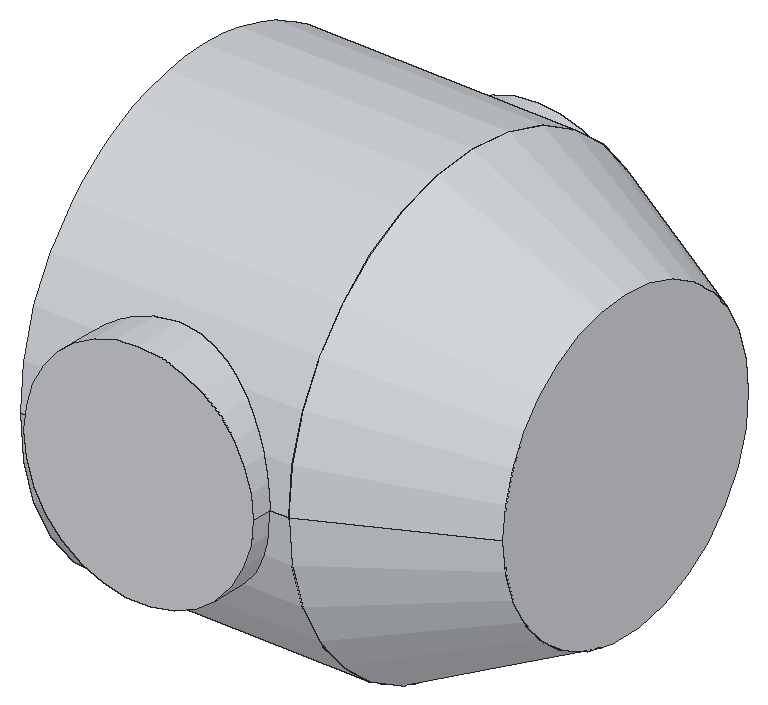
Revit family "M_Cruzamento redondo com transição - Reto", category Conexões de duto, Revit 2019
Family settings
  Cota do conector redondo = Usar raio
  Tipo de parte = Cruzeta
  Número OmniClass = 23.75.70.14
  Título OmniClass = Air Ductwork
  ID de item do Seek = Round Cross with Transition - Straight-0000-CAN-ENU
  Com base no plano de trabalho = Não
  Sempre na vertical = Sim
  Corte com vazios quando carregada = Não
  Compartilhado = Não
Parameters (values of type "Padrão")
  Comprimento do rebaixo [instance] = 25 mm
  Raio do duto 4 [instance] = 150 mm
  Raio do duto 3 [instance] = 150 mm
  Raio do duto 2 [instance] = 200 mm
  Raio do duto 1 [instance] = 300 mm
  Comprimento do duto 4 [instance] = 25 mm
  Comprimento do duto 3 [instance] = 25 mm
  Comprimento do duto 1 [instance] = if(Raio do duto 3 > Raio do duto 4, Raio do duto 3 + Comprimento do rebaixo, Raio do duto 4 + Comprimento do rebaixo)  # 175 mm
  Diâmetro do duto 4 [instance] = 2 * Raio do duto 4  # 300 mm
  Diâmetro do duto 3 [instance] = 2 * Raio do duto 3  # 300 mm
  Diâmetro do duto 2 [instance] = 2 * Raio do duto 2  # 400 mm
  Diâmetro do duto 1 [instance] = 2 * Raio do duto 1  # 600 mm
  Comprimento do duto 2 [instance] = if(2 * abs(Raio do duto 1 - Raio do duto 2) > 300 mm, 300 mm, if(2 * abs(Raio do duto 1 - Raio do duto 2) < 25 mm, 25 mm, 2 * abs(Raio do duto 1 - Raio do duto 2)))  # 200 mm
  Assembly Code = ""
Reference planes
  plane 1 "Centro (Frente/Trás)": y = 0
  plane 2: z = 0
  plane 3 "Centro (Esquerda/Direita)": x = 0
  plane 4: x = -175
  plane 5: x = 175
  plane 6: y = 300
  plane 7: y = -300
  plane 8: x = 375
  plane 9: y = 325
  plane 10: y = -325
Forms (mm)
  Sweep 1, solid, detail levels medium+fine
    path in 3D
      loop
        line (-175, 0, 0) -> (175, 0, 0)
    profile origin (0, 0, 0) x (0, 1, 0) y (0, 0, 1)
      loop
        circle (0, 0) r 300
  Blend 2, solid, detail levels medium+fine
    base sketch origin (175, 1524, 1219.2) x (0, 1, 0) y (0, 0, 1)
      loop
        circle (-1524, -1219.2) r 300
    top sketch origin (175, 1524, 1219.2) x (0, 1, 0) y (0, 0, 1)
      loop
        circle (-1524, -1219.2) r 200
    from 0 to 200
  Extrusion 3, solid, detail levels medium+fine
    sketch origin (175, 1524, 1219.2) x (0, 1, 0) y (0, 0, 1)
      loop
        circle (-1524, -1219.2) r 6.35
    from 0 to 200
  Sweep 4, solid, detail levels medium+fine
    path in 3D
      loop
        line (0, 0, 0) -> (0, 325, 0)
    profile origin (0, 162.5, 0) x (-1, 0, 0) y (0, 0, 1)
      loop
        circle (0, 0) r 150
  Sweep 5, solid, detail levels medium+fine
    path in 3D
      loop
        line (0, 0, 0) -> (0, -325, 0)
    profile origin (0, -162.5, 0) x (1, 0, 0) y (0, 0, 1)
      loop
        circle (0, 0) r 150
Cuts and joins
  joined: Blend 2, Extrusion 3
  joined: Sweep 1, Sweep 4, Sweep 5
Lines and regions (mm)
  model lines, detail levels coarse
    curve 1: line (-175, 0, 0) -> (175, 0, 0)
    curve 2: line (175, 0, 0) -> (375, 0, 0)
    curve 4: line (0, 0, 0) -> (0, 325, 0)
    curve 5: line (0, 0, 0) -> (0, -325, 0)
  sketch lines
    curve 3: line (-175, 0, 0) -> (175, 0, 0)
    curve 6: line (0, 0, 0) -> (0, 325, 0)
    curve 7: line (0, 0, 0) -> (0, -325, 0)
Dimensions and locks
  "Comprimento do duto 1": plane 4 to plane 3 "Centro (Esquerda/Direita)"
  "Comprimento do duto 1": plane 3 "Centro (Esquerda/Direita)" to plane 5
  "Comprimento do duto 2": plane 5 to plane 8
  "Raio do duto 1": plane 1 "Centro (Frente/Trás)" to plane 6
  "Raio do duto 1": plane 7 to plane 1 "Centro (Frente/Trás)"
  "Comprimento do duto 4": plane 9 to plane 6
  "Comprimento do duto 3": plane 7 to plane 10
  "Raio do duto 1": radius of Sweep 1 sketch curve
  "Raio do duto 1": radius of Blend 2 sketch curve
  "Raio do duto 2": radius of Blend 2 sketch curve
  "Raio do duto 4": radius of Sweep 4 sketch curve
  "Raio do duto 3": radius of Sweep 5 sketch curve
  aligned and locked: plane 1 "Centro (Frente/Trás)" to curve 1
  aligned and locked: plane 4 to curve 1
  aligned and locked: plane 5 to curve 2
  aligned and locked: plane 8 to curve 2
  aligned and locked: plane 8 to Blend 2
  aligned and locked: Blend 2 to plane 5
  aligned and locked: plane 8 to Extrusion 3
  aligned and locked: Extrusion 3 to plane 5
  aligned and locked: plane 3 "Centro (Esquerda/Direita)" to curve 4
  aligned and locked: plane 1 "Centro (Frente/Trás)" to curve 4
  aligned and locked: plane 9 to curve 4
  aligned and locked: curve 5 to plane 3 "Centro (Esquerda/Direita)"
  aligned and locked: plane 10 to curve 5
Automatic sketch dimensions
  Sweep 1 sketch curve to profile plane = 0 mm  (x2)
  Blend 2 sketch curve to level = 0 mm  (x2)
  Blend 2 sketch curve to plane 1 "Centro (Frente/Trás)" = 0 mm  (x2)
  Extrusion 3 sketch curve to level = 0 mm
  Extrusion 3 sketch curve to plane 1 "Centro (Frente/Trás)" = 0 mm
  Sweep 4 sketch curve to profile plane = 0 mm  (x2)
  Sweep 5 sketch curve to profile plane = 0 mm  (x2)
  radius of Extrusion 3 sketch curve = 6.35 mm
Connectors
  hvac at (-175, 0, 0), driven by "Raio do duto 1"
    settings: on Sweep 1, index 1, duct flow 0.0 L/s, flow factor 0, pres drop 0.0 Pa, loss coef 0, conn angle 0.00°, conn width 304.8 mm, conn height 304.8 mm, conn diameter 600 mm, duct sys type 28, conn prof type 0, flow config 0, flow direction 0, loss method 0, conn ref index 2, conn util no, is conn primary yes, conn desc ""
  hvac at (375, 0, 0), driven by "Raio do duto 2"
    settings: on Extrusion 3, index 2, duct flow 0.0 L/s, flow factor 0, pres drop 0.0 Pa, loss coef 0, conn angle 0.00°, conn width 304.8 mm, conn height 304.8 mm, conn diameter 400 mm, duct sys type 28, conn prof type 0, flow config 0, flow direction 0, loss method 0, conn ref index 1, conn util no, is conn primary no, conn desc ""
  hvac at (0, -325, 0), driven by "Raio do duto 3"
    settings: on cut or joined group of Sweep 1, Sweep 4, Sweep 5, index 3, duct flow 0.0 L/s, flow factor 0, pres drop 0.0 Pa, loss coef 0, conn angle 0.00°, conn width 304.8 mm, conn height 304.8 mm, conn diameter 300 mm, duct sys type 28, conn prof type 0, flow config 0, flow direction 0, loss method 0, conn ref index 4, conn util no, is conn primary no, conn desc ""
  hvac at (0, 325, 0), driven by "Raio do duto 4"
    settings: on cut or joined group of Sweep 1, Sweep 4, Sweep 5, index 4, duct flow 0.0 L/s, flow factor 0, pres drop 0.0 Pa, loss coef 0, conn angle 0.00°, conn width 304.8 mm, conn height 304.8 mm, conn diameter 300 mm, duct sys type 28, conn prof type 0, flow config 0, flow direction 0, loss method 0, conn ref index 3, conn util no, is conn primary no, conn desc ""
